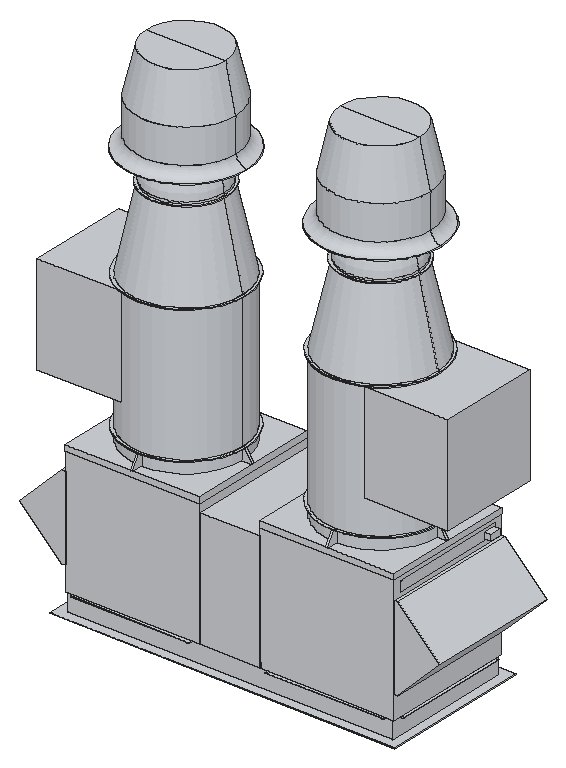
Revit family "QMXVP_with_1X2_Mixing_Box_Ends", category Mechanical Equipment, Revit 2019 (continued)
Types (225): name | UNIT_RADIUS+4" | UNIT_RADIUS*.6 | UNIT_RADIUS | UNIT_RAD+((A/2)+.25")+4" | UNIT_RAD+((A/2)+.25") | UNIT_OD | UNIT_HEIGHT*.75 | UNIT_HEIGHT | TYPE | TRANSITION_TOP | RO2/2 | RO/2 | RO | NOZZLE_WB_RAD-2" | NOZZLE_WB_RAD | NOZZLE_WB/4 | NOZZLE_TOP_RAD | NOZZLE_TOP_OD | NOZZLE_SIZE | NOZZLE_HEIGHT/7*2 | NOZZLE_HEIGHT | NOZZLE_BOTTOM_RAD | NOZZLE_WB_OD | NOZZLE_BOTTOM_ID | MB_HT/2 | MB_HT-2.75" | MB_HT+.25" | MB_HT | MB_A | LONG_RO/2 | LONG_RO | GA | E | DUAL_G | DUAL_F+1" | DUAL_F | C/2 | C | B/2 | B | A/2 | A+.5 | A | Type Comments | Model | -A | (NOZZLE_WB_OD-NOZZLE_TOP_OD)/2 | (NOZZLE_HEIGHT-(NOZZLE_HEIGHT/8*2))/2 | (A/2)-2" | (A/2)-.5" | (A/2)+.5" | (A/2)+.25"
  490_QMXHPVP-36L-1X2_Mixing_Box_Ends | 38 11/16" | 31 7/32" | 34 11/16" | 78 15/16" | 74 15/16" | 69 3/8" | 60 3/8" | 80 1/2" | 12" | 122 3/4" | 36 1/8" | 36 1/8" | 72 1/4" | 43" | 45" | 18" | 29" | 58" | 432" | 23 3/4" | 95" | 25 7/8" | 90" | 51 3/4" | 43 15/32" | 84 3/16" | 87 3/16" | 86 15/16" | 113" | 92 3/8" | 184 3/4" | 17/128" | 78 1/2" | 191" | 193" | 192" | 51 1/2" | 103" | 109 1/2" | 219" | 40" | 80 1/2" | 80" | "Vari-Plume Laboratory Exhaust Mixed-Flow High Pressure Inline Belt Drive With 1X2 Mixing Box With Weather Hoods On Sides\r\n" | "QMXHPVP-1X2_Mixing Box_Sides" | -80" | 8" | 35 5/8" | 38" | -39 1/2" | -40 1/2" | 40 1/4"
  540_QMXHPVP-36H-1X2_Mixing_Box_Ends | 42 7/32" | 34.39688" | 38 7/32" | 87 15/32" | 83 15/32" | 76 7/16" | 65 1/4" | 87" | 12" | 142 1/4" | 41" | 39 9/16" | 79 1/8" | 43" | 45" | 18" | 29" | 58" | 432" | 23 3/4" | 95" | 25 7/8" | 90" | 51 3/4" | 49 27/32" | 96 15/16" | 99 15/16" | 99 11/16" | 126" | 97 5/16" | 194 5/8" | 17/128" | 85 3/8" | 200 7/8" | 203" | 202" | 55 1/2" | 111" | 119 1/2" | 239" | 45" | 90 1/2" | 90" | "Vari-Plume Laboratory Exhaust Mixed-Flow High Pressure Inline Belt Drive With 1X2 Mixing Box With Weather Hoods On Sides\r\n" | "QMXHPVP-1X2_Mixing Box_Sides" | -90" | 8" | 35 5/8" | 43" | -44 1/2" | -45 1/2" | 45 1/4"
  540_QMXHPVP-36L-1X2_Mixing_Box_Ends | 42 7/32" | 34.39688" | 38 7/32" | 87 15/32" | 83 15/32" | 76 7/16" | 65 1/4" | 87" | 12" | 142 1/4" | 41" | 39 9/16" | 79 1/8" | 43" | 45" | 18" | 29" | 58" | 432" | 23 3/4" | 95" | 25 7/8" | 90" | 51 3/4" | 49 27/32" | 96 15/16" | 99 15/16" | 99 11/16" | 126" | 97 5/16" | 194 5/8" | 17/128" | 85 3/8" | 200 7/8" | 203" | 202" | 55 1/2" | 111" | 119 1/2" | 239" | 45" | 90 1/2" | 90" | "Vari-Plume Laboratory Exhaust Mixed-Flow High Pressure Inline Belt Drive With 1X2 Mixing Box With Weather Hoods On Sides\r\n" | "QMXHPVP-1X2_Mixing Box_Sides" | -90" | 8" | 35 5/8" | 43" | -44 1/2" | -45 1/2" | 45 1/4"
  540_QMXHPVP-49H-1X2_Mixing_Box_Ends | 42 7/32" | 34.39688" | 38 7/32" | 87 15/32" | 83 15/32" | 76 7/16" | 65 1/4" | 87" | 12" | 121 1/4" | 41" | 39 9/16" | 79 1/8" | 48 1/2" | 50 1/2" | 20.2" | 38" | 76" | 588" | 27 1/2" | 110" | 34 11/16" | 101" | 69 3/8" | 49 27/32" | 96 15/16" | 99 15/16" | 99 11/16" | 126" | 97 5/16" | 194 5/8" | 17/128" | 85 3/8" | 200 7/8" | 203" | 202" | 55 1/2" | 111" | 119 1/2" | 239" | 45" | 90 1/2" | 90" | "Vari-Plume Laboratory Exhaust Mixed-Flow High Pressure Inline Belt Drive With 1X2 Mixing Box With Weather Hoods On Sides\r\n" | "QMXHPVP-1X2_Mixing Box_Sides" | -90" | 6 1/4" | 41 1/4" | 43" | -44 1/2" | -45 1/2" | 45 1/4"
  540_QMXHPVP-49L-1X2_Mixing_Box_Ends | 42 7/32" | 34.39688" | 38 7/32" | 87 15/32" | 83 15/32" | 76 7/16" | 65 1/4" | 87" | 12" | 121 1/4" | 41" | 39 9/16" | 79 1/8" | 48 1/2" | 50 1/2" | 20.2" | 38" | 76" | 588" | 27 1/2" | 110" | 34 11/16" | 101" | 69 3/8" | 49 27/32" | 96 15/16" | 99 15/16" | 99 11/16" | 126" | 97 5/16" | 194 5/8" | 17/128" | 85 3/8" | 200 7/8" | 203" | 202" | 55 1/2" | 111" | 119 1/2" | 239" | 45" | 90 1/2" | 90" | "Vari-Plume Laboratory Exhaust Mixed-Flow High Pressure Inline Belt Drive With 1X2 Mixing Box With Weather Hoods On Sides\r\n" | "QMXHPVP-1X2_Mixing Box_Sides" | -90" | 6 1/4" | 41 1/4" | 43" | -44 1/2" | -45 1/2" | 45 1/4"
  600_QMXHPVP-36H-1X2_Mixing_Box_Ends | 46 7/16" | 38.19375" | 42 7/16" | 97 3/16" | 93 3/16" | 84 7/8" | 71 5/8" | 95 1/2" | 12" | 170 3/4" | 46 1/32" | 44 1/32" | 88 1/16" | 43" | 45" | 18" | 29" | 58" | 432" | 23 3/4" | 95" | 25 7/8" | 90" | 51 3/4" | 58 19/32" | 114 7/16" | 117 7/16" | 117 3/16" | 144" | 102 13/16" | 205 5/8" | 23/128" | 94 3/8" | 211 7/8" | 214" | 213" | 61" | 122" | 131 1/2" | 263" | 50 1/2" | 101 1/2" | 101" | "Vari-Plume Laboratory Exhaust Mixed-Flow High Pressure Inline Belt Drive With 1X2 Mixing Box With Weather Hoods On Sides\r\n" | "QMXHPVP-1X2_Mixing Box_Sides" | -101" | 8" | 35 5/8" | 48 1/2" | -50" | -51" | 50 3/4"
  600_QMXHPVP-36L-1X2_Mixing_Box_Ends | 46 7/16" | 38.19375" | 42 7/16" | 97 3/16" | 93 3/16" | 84 7/8" | 71 5/8" | 95 1/2" | 12" | 170 3/4" | 46 1/32" | 44 1/32" | 88 1/16" | 43" | 45" | 18" | 29" | 58" | 432" | 23 3/4" | 95" | 25 7/8" | 90" | 51 3/4" | 58 19/32" | 114 7/16" | 117 7/16" | 117 3/16" | 144" | 102 13/16" | 205 5/8" | 23/128" | 94 3/8" | 211 7/8" | 214" | 213" | 61" | 122" | 131 1/2" | 263" | 50 1/2" | 101 1/2" | 101" | "Vari-Plume Laboratory Exhaust Mixed-Flow High Pressure Inline Belt Drive With 1X2 Mixing Box With Weather Hoods On Sides\r\n" | "QMXHPVP-1X2_Mixing Box_Sides" | -101" | 8" | 35 5/8" | 48 1/2" | -50" | -51" | 50 3/4"
  600_QMXHPVP-49H-1X2_Mixing_Box_Ends | 46 7/16" | 38.19375" | 42 7/16" | 97 3/16" | 93 3/16" | 84 7/8" | 71 5/8" | 95 1/2" | 12" | 148 3/4" | 46 1/32" | 44 1/32" | 88 1/16" | 48 1/2" | 50 1/2" | 20.2" | 38" | 76" | 588" | 27 1/2" | 110" | 34 11/16" | 101" | 69 3/8" | 58 19/32" | 114 7/16" | 117 7/16" | 117 3/16" | 144" | 102 13/16" | 205 5/8" | 23/128" | 94 3/8" | 211 7/8" | 214" | 213" | 61" | 122" | 131 1/2" | 263" | 50 1/2" | 101 1/2" | 101" | "Vari-Plume Laboratory Exhaust Mixed-Flow High Pressure Inline Belt Drive With 1X2 Mixing Box With Weather Hoods On Sides\r\n" | "QMXHPVP-1X2_Mixing Box_Sides" | -101" | 6 1/4" | 41 1/4" | 48 1/2" | -50" | -51" | 50 3/4"
  600_QMXHPVP-49L-1X2_Mixing_Box_Ends | 46 7/16" | 38.19375" | 42 7/16" | 97 3/16" | 93 3/16" | 84 7/8" | 71 5/8" | 95 1/2" | 12" | 148 3/4" | 46 1/32" | 44 1/32" | 88 1/16" | 48 1/2" | 50 1/2" | 20.2" | 38" | 76" | 588" | 27 1/2" | 110" | 34 11/16" | 101" | 69 3/8" | 58 19/32" | 114 7/16" | 117 7/16" | 117 3/16" | 144" | 102 13/16" | 205 5/8" | 23/128" | 94 3/8" | 211 7/8" | 214" | 213" | 61" | 122" | 131 1/2" | 263" | 50 1/2" | 101 1/2" | 101" | "Vari-Plume Laboratory Exhaust Mixed-Flow High Pressure Inline Belt Drive With 1X2 Mixing Box With Weather Hoods On Sides\r\n" | "QMXHPVP-1X2_Mixing Box_Sides" | -101" | 6 1/4" | 41 1/4" | 48 1/2" | -50" | -51" | 50 3/4"
  90_QMXHPVP-9H-1X2_Mixing_Box_Ends | 10 13/32" | 5 49/64" | 6 13/32" | 24 21/32" | 20 21/32" | 12 13/16" | 14 29/32" | 19 7/8" | 12" | 37 1/16" | 10 1/2" | 10 1/2" | 21" | 9 1/2" | 11 1/2" | 4.6" | 6 3/4" | 13 1/2" | 108" | 7" | 28" | 6 13/32" | 23" | 12 13/16" | 14 19/32" | 26 7/16" | 29 7/16" | 29 3/16" | 34" | 28 17/32" | 57 1/16" | 27/256" | 27 3/16" | 63 5/16" | 65" | 64" | 15" | 30" | 32 1/2" | 65" | 14" | 28 1/2" | 28" | "Vari-Plume Laboratory Exhaust Mixed-Flow High Pressure Inline Belt Drive With 1X2 Mixing Box With Weather Hoods On Sides\r\n" | "QMXHPVP-1X2_Mixing Box_Sides" | -28" | 2 3/8" | 10 1/2" | 12" | -13 1/2" | -14 1/2" | 14 1/4"
  90_QMXHPVP-9L-1X2_Mixing_Box_Ends | 10 13/32" | 5 49/64" | 6 13/32" | 24 21/32" | 20 21/32" | 12 13/16" | 14 29/32" | 19 7/8" | 12" | 37 1/16" | 10 1/2" | 10 1/2" | 21" | 9 1/2" | 11 1/2" | 4.6" | 6 3/4" | 13 1/2" | 108" | 7" | 28" | 6 13/32" | 23" | 12 13/16" | 14 19/32" | 26 7/16" | 29 7/16" | 29 3/16" | 34" | 28 17/32" | 57 1/16" | 27/256" | 27 3/16" | 63 5/16" | 65" | 64" | 15" | 30" | 32 1/2" | 65" | 14" | 28 1/2" | 28" | "Vari-Plume Laboratory Exhaust Mixed-Flow High Pressure Inline Belt Drive With 1X2 Mixing Box With Weather Hoods On Sides\r\n" | "QMXHPVP-1X2_Mixing Box_Sides" | -28" | 2 3/8" | 10 1/2" | 12" | -13 1/2" | -14 1/2" | 14 1/4"
  490_QMXVP-49L-1X2_Mixing_Box_Ends | 38 11/16" | 31 7/32" | 34 11/16" | 78 15/16" | 74 15/16" | 69 3/8" | 60 3/8" | 80 1/2" | 0" | 96 3/4" | 36 1/8" | 36 1/8" | 72 1/4" | 48 1/2" | 50 1/2" | 20.2" | 38" | 76" | 588" | 27 1/2" | 110" | 34 11/16" | 101" | 69 3/8" | 43 15/32" | 84 3/16" | 87 3/16" | 86 15/16" | 113" | 92 3/8" | 184 3/4" | 17/128" | 78 1/2" | 191" | 193" | 192" | 51 1/2" | 103" | 109 1/2" | 219" | 40" | 80 1/2" | 80" | "Vari-Plume Laboratory Exhaust Mixed-Flow Inline Belt Drive With 1X2 Mixing Box With Weather Hoods On Sides\r\n" | "QMXVP-1X2_Mixing Box_Sides" | -80" | 6 1/4" | 41 1/4" | 38" | -39 1/2" | -40 1/2" | 40 1/4"
  490_QMXHPVP-49H-1X2_Mixing_Box_Ends | 38 11/16" | 31 7/32" | 34 11/16" | 78 15/16" | 74 15/16" | 69 3/8" | 60 3/8" | 80 1/2" | 12" | 96 3/4" | 36 1/8" | 36 1/8" | 72 1/4" | 48 1/2" | 50 1/2" | 20.2" | 38" | 76" | 588" | 27 1/2" | 110" | 34 11/16" | 101" | 69 3/8" | 43 15/32" | 84 3/16" | 87 3/16" | 86 15/16" | 113" | 92 3/8" | 184 3/4" | 17/128" | 78 1/2" | 191" | 193" | 192" | 51 1/2" | 103" | 109 1/2" | 219" | 40" | 80 1/2" | 80" | "Vari-Plume Laboratory Exhaust Mixed-Flow High Pressure Inline Belt Drive With 1X2 Mixing Box With Weather Hoods On Sides\r\n" | "QMXHPVP-1X2_Mixing Box_Sides" | -80" | 6 1/4" | 41 1/4" | 38" | -39 1/2" | -40 1/2" | 40 1/4"
  490_QMXHPVP-49L-1X2_Mixing_Box_Ends | 38 11/16" | 31 7/32" | 34 11/16" | 78 15/16" | 74 15/16" | 69 3/8" | 60 3/8" | 80 1/2" | 12" | 96 3/4" | 36 1/8" | 36 1/8" | 72 1/4" | 48 1/2" | 50 1/2" | 20.2" | 38" | 76" | 588" | 27 1/2" | 110" | 34 11/16" | 101" | 69 3/8" | 43 15/32" | 84 3/16" | 87 3/16" | 86 15/16" | 113" | 92 3/8" | 184 3/4" | 17/128" | 78 1/2" | 191" | 193" | 192" | 51 1/2" | 103" | 109 1/2" | 219" | 40" | 80 1/2" | 80" | "Vari-Plume Laboratory Exhaust Mixed-Flow High Pressure Inline Belt Drive With 1X2 Mixing Box With Weather Hoods On Sides\r\n" | "QMXHPVP-1X2_Mixing Box_Sides" | -80" | 6 1/4" | 41 1/4" | 38" | -39 1/2" | -40 1/2" | 40 1/4"
  202_QMXHPVP-21L-1X2_Mixing_Box_Ends | 18 3/8" | 12 15/16" | 14 3/8" | 37 5/8" | 33 5/8" | 28 3/4" | 28 1/8" | 37 1/2" | 12" | 51 5/8" | 15 3/8" | 15 3/8" | 30 3/4" | 22 1/2" | 24 1/2" | 9.8" | 15 3/8" | 30 3/4" | 252" | 13 3/16" | 52 3/4" | 14 3/8" | 49" | 28 3/4" | 20 19/32" | 38 7/16" | 41 7/16" | 41 3/16" | 49" | 41 7/16" | 82 7/8" | 27/256" | 36 15/16" | 89 1/8" | 91" | 90" | 25" | 50" | 52" | 104" | 19" | 38 1/2" | 38" | "Vari-Plume Laboratory Exhaust Mixed-Flow High Pressure Inline Belt Drive With 1X2 Mixing Box With Weather Hoods On Sides\r\n" | "QMXHPVP-1X2_Mixing Box_Sides" | -38" | 4 9/16" | 19 25/32" | 17" | -18 1/2" | -19 1/2" | 19 1/4"
  202_QMXHPVP-21H-1X2_Mixing_Box_Ends | 18 3/8" | 12 15/16" | 14 3/8" | 37 5/8" | 33 5/8" | 28 3/4" | 28 1/8" | 37 1/2" | 12" | 51 5/8" | 15 3/8" | 15 3/8" | 30 3/4" | 22 1/2" | 24 1/2" | 9.8" | 15 3/8" | 30 3/4" | 252" | 13 3/16" | 52 3/4" | 14 3/8" | 49" | 28 3/4" | 20 19/32" | 38 7/16" | 41 7/16" | 41 3/16" | 49" | 41 7/16" | 82 7/8" | 27/256" | 36 15/16" | 89 1/8" | 91" | 90" | 25" | 50" | 52" | 104" | 19" | 38 1/2" | 38" | "Vari-Plume Laboratory Exhaust Mixed-Flow High Pressure Inline Belt Drive With 1X2 Mixing Box With Weather Hoods On Sides\r\n" | "QMXHPVP-1X2_Mixing Box_Sides" | -38" | 4 9/16" | 19 25/32" | 17" | -18 1/2" | -19 1/2" | 19 1/4"
  202_QMXVP-21H-1X2_Mixing_Box_Ends | 18 3/8" | 12 15/16" | 14 3/8" | 37 5/8" | 33 5/8" | 28 3/4" | 28 1/8" | 37 1/2" | 0" | 51 5/8" | 15 3/8" | 15 3/8" | 30 3/4" | 22 1/2" | 24 1/2" | 9.8" | 15 3/8" | 30 3/4" | 252" | 13 3/16" | 52 3/4" | 14 3/8" | 49" | 28 3/4" | 20 19/32" | 38 7/16" | 41 7/16" | 41 3/16" | 49" | 41 7/16" | 82 7/8" | 27/256" | 36 15/16" | 89 1/8" | 91" | 90" | 25" | 50" | 52" | 104" | 19" | 38 1/2" | 38" | "Vari-Plume Laboratory Exhaust Mixed-Flow Inline Belt Drive With 1X2 Mixing Box With Weather Hoods On Sides\r\n" | "QMXVP-1X2_Mixing Box_Sides" | -38" | 4 9/16" | 19 25/32" | 17" | -18 1/2" | -19 1/2" | 19 1/4"
  202_QMXVP-21L-1X2_Mixing_Box_Ends | 18 3/8" | 12 15/16" | 14 3/8" | 37 5/8" | 33 5/8" | 28 3/4" | 28 1/8" | 37 1/2" | 0" | 51 5/8" | 15 3/8" | 15 3/8" | 30 3/4" | 22 1/2" | 24 1/2" | 9.8" | 15 3/8" | 30 3/4" | 252" | 13 3/16" | 52 3/4" | 14 3/8" | 49" | 28 3/4" | 20 19/32" | 38 7/16" | 41 7/16" | 41 3/16" | 49" | 41 7/16" | 82 7/8" | 27/256" | 36 15/16" | 89 1/8" | 91" | 90" | 25" | 50" | 52" | 104" | 19" | 38 1/2" | 38" | "Vari-Plume Laboratory Exhaust Mixed-Flow Inline Belt Drive With 1X2 Mixing Box With Weather Hoods On Sides\r\n" | "QMXVP-1X2_Mixing Box_Sides" | -38" | 4 9/16" | 19 25/32" | 17" | -18 1/2" | -19 1/2" | 19 1/4"
  225_QMXHPVP-21H-1X2_Mixing_Box_Ends | 19 31/32" | 14.37188" | 15 31/32" | 41 7/32" | 37 7/32" | 31 15/16" | 30 3/4" | 41" | 12" | 61 1/8" | 17 3/8" | 17 3/8" | 34 3/4" | 22 1/2" | 24 1/2" | 9.8" | 15 3/8" | 30 3/4" | 252" | 13 3/16" | 52 3/4" | 14 3/8" | 49" | 28 3/4" | 21 19/32" | 40 7/16" | 43 7/16" | 43 3/16" | 54" | 42 15/16" | 85 7/8" | 27/256" | 40 15/16" | 92 1/8" | 94" | 93" | 28" | 56" | 56 1/2" | 113" | 21" | 42 1/2" | 42" | "Vari-Plume Laboratory Exhaust Mixed-Flow High Pressure Inline Belt Drive With 1X2 Mixing Box With Weather Hoods On Sides\r\n" | "QMXHPVP-1X2_Mixing Box_Sides" | -42" | 4 9/16" | 19 25/32" | 19" | -20 1/2" | -21 1/2" | 21 1/4"
  225_QMXHPVP-21L-1X2_Mixing_Box_Ends | 19 31/32" | 14.37188" | 15 31/32" | 41 7/32" | 37 7/32" | 31 15/16" | 30 3/4" | 41" | 12" | 61 1/8" | 17 3/8" | 17 3/8" | 34 3/4" | 22 1/2" | 24 1/2" | 9.8" | 15 3/8" | 30 3/4" | 252" | 13 3/16" | 52 3/4" | 14 3/8" | 49" | 28 3/4" | 21 19/32" | 40 7/16" | 43 7/16" | 43 3/16" | 54" | 42 15/16" | 85 7/8" | 27/256" | 40 15/16" | 92 1/8" | 94" | 93" | 28" | 56" | 56 1/2" | 113" | 21" | 42 1/2" | 42" | "Vari-Plume Laboratory Exhaust Mixed-Flow High Pressure Inline Belt Drive With 1X2 Mixing Box With Weather Hoods On Sides\r\n" | "QMXHPVP-1X2_Mixing Box_Sides" | -42" | 4 9/16" | 19 25/32" | 19" | -20 1/2" | -21 1/2" | 21 1/4"
  225_QMXVP-21H-1X2_Mixing_Box_Ends | 19 31/32" | 14.37188" | 15 31/32" | 41 7/32" | 37 7/32" | 31 15/16" | 30 3/4" | 41" | 0" | 61 1/8" | 17 3/8" | 17 3/8" | 34 3/4" | 22 1/2" | 24 1/2" | 9.8" | 15 3/8" | 30 3/4" | 252" | 13 3/16" | 52 3/4" | 14 3/8" | 49" | 28 3/4" | 21 19/32" | 40 7/16" | 43 7/16" | 43 3/16" | 54" | 42 15/16" | 85 7/8" | 27/256" | 40 15/16" | 92 1/8" | 94" | 93" | 28" | 56" | 56 1/2" | 113" | 21" | 42 1/2" | 42" | "Vari-Plume Laboratory Exhaust Mixed-Flow Inline Belt Drive With 1X2 Mixing Box With Weather Hoods On Sides\r\n" | "QMXVP-1X2_Mixing Box_Sides" | -42" | 4 9/16" | 19 25/32" | 19" | -20 1/2" | -21 1/2" | 21 1/4"
  225_QMXVP-21L-1X2_Mixing_Box_Ends | 19 31/32" | 14.37188" | 15 31/32" | 41 7/32" | 37 7/32" | 31 15/16" | 30 3/4" | 41" | 0" | 61 1/8" | 17 3/8" | 17 3/8" | 34 3/4" | 22 1/2" | 24 1/2" | 9.8" | 15 3/8" | 30 3/4" | 252" | 13 3/16" | 52 3/4" | 14 3/8" | 49" | 28 3/4" | 21 19/32" | 40 7/16" | 43 7/16" | 43 3/16" | 54" | 42 15/16" | 85 7/8" | 27/256" | 40 15/16" | 92 1/8" | 94" | 93" | 28" | 56" | 56 1/2" | 113" | 21" | 42 1/2" | 42" | "Vari-Plume Laboratory Exhaust Mixed-Flow Inline Belt Drive With 1X2 Mixing Box With Weather Hoods On Sides\r\n" | "QMXVP-1X2_Mixing Box_Sides" | -42" | 4 9/16" | 19 25/32" | 19" | -20 1/2" | -21 1/2" | 21 1/4"
  245_QMXHPVP-21H-1X2_Mixing_Box_Ends | 21 3/8" | 15.6375" | 17 3/8" | 43 5/8" | 39 5/8" | 34 3/4" | 33 3/8" | 44 1/2" | 12" | 69 11/16" | 18 3/8" | 18 3/8" | 36 3/4" | 22 1/2" | 24 1/2" | 9.8" | 15 3/8" | 30 3/4" | 252" | 13 3/16" | 52 3/4" | 14 3/8" | 49" | 28 3/4" | 22 23/32" | 42 11/16" | 45 11/16" | 45 7/16" | 57" | 50 7/16" | 100 7/8" | 27/256" | 42 15/16" | 107 1/8" | 109" | 108" | 29 1/2" | 59" | 60 1/2" | 121" | 22" | 44 1/2" | 44" | "Vari-Plume Laboratory Exhaust Mixed-Flow High Pressure Inline Belt Drive With 1X2 Mixing Box With Weather Hoods On Sides\r\n" | "QMXHPVP-1X2_Mixing Box_Sides" | -44" | 4 9/16" | 19 25/32" | 20" | -21 1/2" | -22 1/2" | 22 1/4"
  245_QMXHPVP-21L-1X2_Mixing_Box_Ends | 21 3/8" | 15.6375" | 17 3/8" | 43 5/8" | 39 5/8" | 34 3/4" | 33 3/8" | 44 1/2" | 12" | 69 11/16" | 18 3/8" | 18 3/8" | 36 3/4" | 22 1/2" | 24 1/2" | 9.8" | 15 3/8" | 30 3/4" | 252" | 13 3/16" | 52 3/4" | 14 3/8" | 49" | 28 3/4" | 22 23/32" | 42 11/16" | 45 11/16" | 45 7/16" | 57" | 50 7/16" | 100 7/8" | 27/256" | 42 15/16" | 107 1/8" | 109" | 108" | 29 1/2" | 59" | 60 1/2" | 121" | 22" | 44 1/2" | 44" | "Vari-Plume Laboratory Exhaust Mixed-Flow High Pressure Inline Belt Drive With 1X2 Mixing Box With Weather Hoods On Sides\r\n" | "QMXHPVP-1X2_Mixing Box_Sides" | -44" | 4 9/16" | 19 25/32" | 20" | -21 1/2" | -22 1/2" | 22 1/4"
  245_QMXVP-21H-1X2_Mixing_Box_Ends | 21 3/8" | 15.6375" | 17 3/8" | 43 5/8" | 39 5/8" | 34 3/4" | 33 3/8" | 44 1/2" | 0" | 69 11/16" | 18 3/8" | 18 3/8" | 36 3/4" | 22 1/2" | 24 1/2" | 9.8" | 15 3/8" | 30 3/4" | 252" | 13 3/16" | 52 3/4" | 14 3/8" | 49" | 28 3/4" | 22 23/32" | 42 11/16" | 45 11/16" | 45 7/16" | 57" | 50 7/16" | 100 7/8" | 27/256" | 42 15/16" | 107 1/8" | 109" | 108" | 29 1/2" | 59" | 60 1/2" | 121" | 22" | 44 1/2" | 44" | "Vari-Plume Laboratory Exhaust Mixed-Flow Inline Belt Drive With 1X2 Mixing Box With Weather Hoods On Sides\r\n" | "QMXVP-1X2_Mixing Box_Sides" | -44" | 4 9/16" | 19 25/32" | 20" | -21 1/2" | -22 1/2" | 22 1/4"
  245_QMXVP-21L-1X2_Mixing_Box_Ends | 21 3/8" | 15.6375" | 17 3/8" | 43 5/8" | 39 5/8" | 34 3/4" | 33 3/8" | 44 1/2" | 0" | 69 11/16" | 18 3/8" | 18 3/8" | 36 3/4" | 22 1/2" | 24 1/2" | 9.8" | 15 3/8" | 30 3/4" | 252" | 13 3/16" | 52 3/4" | 14 3/8" | 49" | 28 3/4" | 22 23/32" | 42 11/16" | 45 11/16" | 45 7/16" | 57" | 50 7/16" | 100 7/8" | 27/256" | 42 15/16" | 107 1/8" | 109" | 108" | 29 1/2" | 59" | 60 1/2" | 121" | 22" | 44 1/2" | 44" | "Vari-Plume Laboratory Exhaust Mixed-Flow Inline Belt Drive With 1X2 Mixing Box With Weather Hoods On Sides\r\n" | "QMXVP-1X2_Mixing Box_Sides" | -44" | 4 9/16" | 19 25/32" | 20" | -21 1/2" | -22 1/2" | 22 1/4"
  270_QMXHPVP-21H-1X2_Mixing_Box_Ends | 23 5/32" | 17.24063" | 19 5/32" | 47 13/32" | 43 13/32" | 38 5/16" | 35 1/4" | 47" | 12" | 79 3/16" | 20 3/8" | 20 3/8" | 40 3/4" | 22 1/2" | 24 1/2" | 9.8" | 15 3/8" | 30 3/4" | 252" | 13 3/16" | 52 3/4" | 14 3/8" | 49" | 28 3/4" | 23 19/32" | 44 7/16" | 47 7/16" | 47 3/16" | 62" | 52 7/16" | 104 7/8" | 27/256" | 46 15/16" | 111 1/8" | 113" | 112" | 31 1/2" | 63" | 64" | 128" | 24" | 48 1/2" | 48" | "Vari-Plume Laboratory Exhaust Mixed-Flow High Pressure Inline Belt Drive With 1X2 Mixing Box With Weather Hoods On Sides\r\n" | "QMXHPVP-1X2_Mixing Box_Sides" | -48" | 4 9/16" | 19 25/32" | 22" | -23 1/2" | -24 1/2" | 24 1/4"
  270_QMXHPVP-21L-1X2_Mixing_Box_Ends | 23 5/32" | 17.24063" | 19 5/32" | 47 13/32" | 43 13/32" | 38 5/16" | 35 1/4" | 47" | 12" | 79 3/16" | 20 3/8" | 20 3/8" | 40 3/4" | 22 1/2" | 24 1/2" | 9.8" | 15 3/8" | 30 3/4" | 252" | 13 3/16" | 52 3/4" | 14 3/8" | 49" | 28 3/4" | 23 19/32" | 44 7/16" | 47 7/16" | 47 3/16" | 62" | 52 7/16" | 104 7/8" | 27/256" | 46 15/16" | 111 1/8" | 113" | 112" | 31 1/2" | 63" | 64" | 128" | 24" | 48 1/2" | 48" | "Vari-Plume Laboratory Exhaust Mixed-Flow High Pressure Inline Belt Drive With 1X2 Mixing Box With Weather Hoods On Sides\r\n" | "QMXHPVP-1X2_Mixing Box_Sides" | -48" | 4 9/16" | 19 25/32" | 22" | -23 1/2" | -24 1/2" | 24 1/4"
  270_QMXVP-21H-1X2_Mixing_Box_Ends | 23 5/32" | 17.24063" | 19 5/32" | 47 13/32" | 43 13/32" | 38 5/16" | 35 1/4" | 47" | 0" | 79 3/16" | 20 3/8" | 20 3/8" | 40 3/4" | 22 1/2" | 24 1/2" | 9.8" | 15 3/8" | 30 3/4" | 252" | 13 3/16" | 52 3/4" | 14 3/8" | 49" | 28 3/4" | 23 19/32" | 44 7/16" | 47 7/16" | 47 3/16" | 62" | 52 7/16" | 104 7/8" | 27/256" | 46 15/16" | 111 1/8" | 113" | 112" | 31 1/2" | 63" | 64" | 128" | 24" | 48 1/2" | 48" | "Vari-Plume Laboratory Exhaust Mixed-Flow Inline Belt Drive With 1X2 Mixing Box With Weather Hoods On Sides\r\n" | "QMXVP-1X2_Mixing Box_Sides" | -48" | 4 9/16" | 19 25/32" | 22" | -23 1/2" | -24 1/2" | 24 1/4"
  270_QMXVP-21L-1X2_Mixing_Box_Ends | 23 5/32" | 17.24063" | 19 5/32" | 47 13/32" | 43 13/32" | 38 5/16" | 35 1/4" | 47" | 0" | 79 3/16" | 20 3/8" | 20 3/8" | 40 3/4" | 22 1/2" | 24 1/2" | 9.8" | 15 3/8" | 30 3/4" | 252" | 13 3/16" | 52 3/4" | 14 3/8" | 49" | 28 3/4" | 23 19/32" | 44 7/16" | 47 7/16" | 47 3/16" | 62" | 52 7/16" | 104 7/8" | 27/256" | 46 15/16" | 111 1/8" | 113" | 112" | 31 1/2" | 63" | 64" | 128" | 24" | 48 1/2" | 48" | "Vari-Plume Laboratory Exhaust Mixed-Flow Inline Belt Drive With 1X2 Mixing Box With Weather Hoods On Sides\r\n" | "QMXVP-1X2_Mixing Box_Sides" | -48" | 4 9/16" | 19 25/32" | 22" | -23 1/2" | -24 1/2" | 24 1/4"
  300_QMXHPVP-21H-1X2_Mixing_Box_Ends | 25 1/4" | 19 1/8" | 21 1/4" | 51 1/2" | 47 1/2" | 42 1/2" | 40 1/2" | 54" | 12" | 94 3/16" | 22 3/8" | 22 3/8" | 44 3/4" | 22 1/2" | 24 1/2" | 9.8" | 15 3/8" | 30 3/4" | 252" | 13 3/16" | 52 3/4" | 14 3/8" | 49" | 28 3/4" | 25 7/32" | 47 11/16" | 50 11/16" | 50 7/16" | 68" | 62 7/16" | 124 7/8" | 27/256" | 50 15/16" | 131 1/8" | 133" | 132" | 33 1/2" | 67" | 74" | 148" | 26" | 52 1/2" | 52" | "Vari-Plume Laboratory Exhaust Mixed-Flow High Pressure Inline Belt Drive With 1X2 Mixing Box With Weather Hoods On Sides\r\n" | "QMXHPVP-1X2_Mixing Box_Sides" | -52" | 4 9/16" | 19 25/32" | 24" | -25 1/2" | -26 1/2" | 26 1/4"
  300_QMXHPVP-21L-1X2_Mixing_Box_Ends | 25 1/4" | 19 1/8" | 21 1/4" | 51 1/2" | 47 1/2" | 42 1/2" | 40 1/2" | 54" | 12" | 94 3/16" | 22 3/8" | 22 3/8" | 44 3/4" | 22 1/2" | 24 1/2" | 9.8" | 15 3/8" | 30 3/4" | 252" | 13 3/16" | 52 3/4" | 14 3/8" | 49" | 28 3/4" | 25 7/32" | 47 11/16" | 50 11/16" | 50 7/16" | 68" | 62 7/16" | 124 7/8" | 27/256" | 50 15/16" | 131 1/8" | 133" | 132" | 33 1/2" | 67" | 74" | 148" | 26" | 52 1/2" | 52" | "Vari-Plume Laboratory Exhaust Mixed-Flow High Pressure Inline Belt Drive With 1X2 Mixing Box With Weather Hoods On Sides\r\n" | "QMXHPVP-1X2_Mixing Box_Sides" | -52" | 4 9/16" | 19 25/32" | 24" | -25 1/2" | -26 1/2" | 26 1/4"
  300_QMXVP-21H-1X2_Mixing_Box_Ends | 25 1/4" | 19 1/8" | 21 1/4" | 51 1/2" | 47 1/2" | 42 1/2" | 40 1/2" | 54" | 0" | 94 3/16" | 22 3/8" | 22 3/8" | 44 3/4" | 22 1/2" | 24 1/2" | 9.8" | 15 3/8" | 30 3/4" | 252" | 13 3/16" | 52 3/4" | 14 3/8" | 49" | 28 3/4" | 25 7/32" | 47 11/16" | 50 11/16" | 50 7/16" | 68" | 62 7/16" | 124 7/8" | 27/256" | 50 15/16" | 131 1/8" | 133" | 132" | 33 1/2" | 67" | 74" | 148" | 26" | 52 1/2" | 52" | "Vari-Plume Laboratory Exhaust Mixed-Flow Inline Belt Drive With 1X2 Mixing Box With Weather Hoods On Sides\r\n" | "QMXVP-1X2_Mixing Box_Sides" | -52" | 4 9/16" | 19 25/32" | 24" | -25 1/2" | -26 1/2" | 26 1/4"
  300_QMXVP-21L-1X2_Mixing_Box_Ends | 25 1/4" | 19 1/8" | 21 1/4" | 51 1/2" | 47 1/2" | 42 1/2" | 40 1/2" | 54" | 0" | 94 3/16" | 22 3/8" | 22 3/8" | 44 3/4" | 22 1/2" | 24 1/2" | 9.8" | 15 3/8" | 30 3/4" | 252" | 13 3/16" | 52 3/4" | 14 3/8" | 49" | 28 3/4" | 25 7/32" | 47 11/16" | 50 11/16" | 50 7/16" | 68" | 62 7/16" | 124 7/8" | 27/256" | 50 15/16" | 131 1/8" | 133" | 132" | 33 1/2" | 67" | 74" | 148" | 26" | 52 1/2" | 52" | "Vari-Plume Laboratory Exhaust Mixed-Flow Inline Belt Drive With 1X2 Mixing Box With Weather Hoods On Sides\r\n" | "QMXVP-1X2_Mixing Box_Sides" | -52" | 4 9/16" | 19 25/32" | 24" | -25 1/2" | -26 1/2" | 26 1/4"
  270_QMXHPVP-27H-1X2_Mixing_Box_Ends | 23 5/32" | 17.24063" | 19 5/32" | 47 13/32" | 43 13/32" | 38 5/16" | 35 1/4" | 47" | 12" | 62 1/4" | 20 3/8" | 20 3/8" | 40 3/4" | 28 1/2" | 30 1/2" | 12.2" | 19 27/32" | 39 11/16" | 324" | 15 5/32" | 60 5/8" | 19 5/32" | 61" | 38 5/16" | 23 19/32" | 44 7/16" | 47 7/16" | 47 3/16" | 62" | 52 7/16" | 104 7/8" | 27/256" | 46 15/16" | 111 1/8" | 113" | 112" | 31 1/2" | 63" | 64" | 128" | 24" | 48 1/2" | 48" | "Vari-Plume Laboratory Exhaust Mixed-Flow High Pressure Inline Belt Drive With 1X2 Mixing Box With Weather Hoods On Sides\r\n" | "QMXHPVP-1X2_Mixing Box_Sides" | -48" | 5 21/64" | 22 47/64" | 22" | -23 1/2" | -24 1/2" | 24 1/4"
  270_QMXHPVP-27L-1X2_Mixing_Box_Ends | 23 5/32" | 17.24063" | 19 5/32" | 47 13/32" | 43 13/32" | 38 5/16" | 35 1/4" | 47" | 12" | 62 1/4" | 20 3/8" | 20 3/8" | 40 3/4" | 28 1/2" | 30 1/2" | 12.2" | 19 27/32" | 39 11/16" | 324" | 15 5/32" | 60 5/8" | 19 5/32" | 61" | 38 5/16" | 23 19/32" | 44 7/16" | 47 7/16" | 47 3/16" | 62" | 52 7/16" | 104 7/8" | 27/256" | 46 15/16" | 111 1/8" | 113" | 112" | 31 1/2" | 63" | 64" | 128" | 24" | 48 1/2" | 48" | "Vari-Plume Laboratory Exhaust Mixed-Flow High Pressure Inline Belt Drive With 1X2 Mixing Box With Weather Hoods On Sides\r\n" | "QMXHPVP-1X2_Mixing Box_Sides" | -48" | 5 21/64" | 22 47/64" | 22" | -23 1/2" | -24 1/2" | 24 1/4"
  270_QMXVP-27H-1X2_Mixing_Box_Ends | 23 5/32" | 17.24063" | 19 5/32" | 47 13/32" | 43 13/32" | 38 5/16" | 35 1/4" | 47" | 0" | 62 1/4" | 20 3/8" | 20 3/8" | 40 3/4" | 28 1/2" | 30 1/2" | 12.2" | 19 27/32" | 39 11/16" | 324" | 15 5/32" | 60 5/8" | 19 5/32" | 61" | 38 5/16" | 23 19/32" | 44 7/16" | 47 7/16" | 47 3/16" | 62" | 52 7/16" | 104 7/8" | 27/256" | 46 15/16" | 111 1/8" | 113" | 112" | 31 1/2" | 63" | 64" | 128" | 24" | 48 1/2" | 48" | "Vari-Plume Laboratory Exhaust Mixed-Flow Inline Belt Drive With 1X2 Mixing Box With Weather Hoods On Sides\r\n" | "QMXVP-1X2_Mixing Box_Sides" | -48" | 5 21/64" | 22 47/64" | 22" | -23 1/2" | -24 1/2" | 24 1/4"
  270_QMXVP-27L-1X2_Mixing_Box_Ends | 23 5/32" | 17.24063" | 19 5/32" | 47 13/32" | 43 13/32" | 38 5/16" | 35 1/4" | 47" | 0" | 62 1/4" | 20 3/8" | 20 3/8" | 40 3/4" | 28 1/2" | 30 1/2" | 12.2" | 19 27/32" | 39 11/16" | 324" | 15 5/32" | 60 5/8" | 19 5/32" | 61" | 38 5/16" | 23 19/32" | 44 7/16" | 47 7/16" | 47 3/16" | 62" | 52 7/16" | 104 7/8" | 27/256" | 46 15/16" | 111 1/8" | 113" | 112" | 31 1/2" | 63" | 64" | 128" | 24" | 48 1/2" | 48" | "Vari-Plume Laboratory Exhaust Mixed-Flow Inline Belt Drive With 1X2 Mixing Box With Weather Hoods On Sides\r\n" | "QMXVP-1X2_Mixing Box_Sides" | -48" | 5 21/64" | 22 47/64" | 22" | -23 1/2" | -24 1/2" | 24 1/4"
  300_QMXHPVP-27H-1X2_Mixing_Box_Ends | 25 1/4" | 19 1/8" | 21 1/4" | 51 1/2" | 47 1/2" | 42 1/2" | 40 1/2" | 54" | 12" | 77 1/4" | 22 3/8" | 22 3/8" | 44 3/4" | 28 1/2" | 30 1/2" | 12.2" | 19 27/32" | 39 11/16" | 324" | 15 5/32" | 60 5/8" | 19 5/32" | 61" | 38 5/16" | 25 7/32" | 47 11/16" | 50 11/16" | 50 7/16" | 68" | 62 7/16" | 124 7/8" | 27/256" | 50 15/16" | 131 1/8" | 133" | 132" | 33 1/2" | 67" | 74" | 148" | 26" | 52 1/2" | 52" | "Vari-Plume Laboratory Exhaust Mixed-Flow High Pressure Inline Belt Drive With 1X2 Mixing Box With Weather Hoods On Sides\r\n" | "QMXHPVP-1X2_Mixing Box_Sides" | -52" | 5 21/64" | 22 47/64" | 24" | -25 1/2" | -26 1/2" | 26 1/4"
  300_QMXHPVP-27L-1X2_Mixing_Box_Ends | 25 1/4" | 19 1/8" | 21 1/4" | 51 1/2" | 47 1/2" | 42 1/2" | 40 1/2" | 54" | 12" | 77 1/4" | 22 3/8" | 22 3/8" | 44 3/4" | 28 1/2" | 30 1/2" | 12.2" | 19 27/32" | 39 11/16" | 324" | 15 5/32" | 60 5/8" | 19 5/32" | 61" | 38 5/16" | 25 7/32" | 47 11/16" | 50 11/16" | 50 7/16" | 68" | 62 7/16" | 124 7/8" | 27/256" | 50 15/16" | 131 1/8" | 133" | 132" | 33 1/2" | 67" | 74" | 148" | 26" | 52 1/2" | 52" | "Vari-Plume Laboratory Exhaust Mixed-Flow High Pressure Inline Belt Drive With 1X2 Mixing Box With Weather Hoods On Sides\r\n" | "QMXHPVP-1X2_Mixing Box_Sides" | -52" | 5 21/64" | 22 47/64" | 24" | -25 1/2" | -26 1/2" | 26 1/4"
  300_QMXVP-27H-1X2_Mixing_Box_Ends | 25 1/4" | 19 1/8" | 21 1/4" | 51 1/2" | 47 1/2" | 42 1/2" | 40 1/2" | 54" | 0" | 77 1/4" | 22 3/8" | 22 3/8" | 44 3/4" | 28 1/2" | 30 1/2" | 12.2" | 19 27/32" | 39 11/16" | 324" | 15 5/32" | 60 5/8" | 19 5/32" | 61" | 38 5/16" | 25 7/32" | 47 11/16" | 50 11/16" | 50 7/16" | 68" | 62 7/16" | 124 7/8" | 27/256" | 50 15/16" | 131 1/8" | 133" | 132" | 33 1/2" | 67" | 74" | 148" | 26" | 52 1/2" | 52" | "Vari-Plume Laboratory Exhaust Mixed-Flow Inline Belt Drive With 1X2 Mixing Box With Weather Hoods On Sides\r\n" | "QMXVP-1X2_Mixing Box_Sides" | -52" | 5 21/64" | 22 47/64" | 24" | -25 1/2" | -26 1/2" | 26 1/4"
  300_QMXVP-27L-1X2_Mixing_Box_Ends | 25 1/4" | 19 1/8" | 21 1/4" | 51 1/2" | 47 1/2" | 42 1/2" | 40 1/2" | 54" | 0" | 77 1/4" | 22 3/8" | 22 3/8" | 44 3/4" | 28 1/2" | 30 1/2" | 12.2" | 19 27/32" | 39 11/16" | 324" | 15 5/32" | 60 5/8" | 19 5/32" | 61" | 38 5/16" | 25 7/32" | 47 11/16" | 50 11/16" | 50 7/16" | 68" | 62 7/16" | 124 7/8" | 27/256" | 50 15/16" | 131 1/8" | 133" | 132" | 33 1/2" | 67" | 74" | 148" | 26" | 52 1/2" | 52" | "Vari-Plume Laboratory Exhaust Mixed-Flow Inline Belt Drive With 1X2 Mixing Box With Weather Hoods On Sides\r\n" | "QMXVP-1X2_Mixing Box_Sides" | -52" | 5 21/64" | 22 47/64" | 24" | -25 1/2" | -26 1/2" | 26 1/4"
  330_QMXHPVP-27L-1X2_Mixing_Box_Ends | 27 3/8" | 21.0375" | 23 3/8" | 55 5/8" | 51 5/8" | 46 3/4" | 43 7/8" | 58 1/2" | 12" | 89 3/4" | 24 5/16" | 24 5/16" | 48 5/8" | 28 1/2" | 30 1/2" | 12.2" | 19 27/32" | 39 11/16" | 324" | 15 5/32" | 60 5/8" | 19 5/32" | 61" | 38 5/16" | 26 27/32" | 50 15/16" | 53 15/16" | 53 11/16" | 73" | 64 7/16" | 128 7/8" | 27/256" | 54 13/16" | 135 1/8" | 137" | 136" | 36 1/2" | 73" | 77" | 154" | 28" | 56 1/2" | 56" | "Vari-Plume Laboratory Exhaust Mixed-Flow High Pressure Inline Belt Drive With 1X2 Mixing Box With Weather Hoods On Sides\r\n" | "QMXHPVP-1X2_Mixing Box_Sides" | -56" | 5 21/64" | 22 47/64" | 26" | -27 1/2" | -28 1/2" | 28 1/4"
  330_QMXHPVP-27H-1X2_Mixing_Box_Ends | 27 3/8" | 21.0375" | 23 3/8" | 55 5/8" | 51 5/8" | 46 3/4" | 43 7/8" | 58 1/2" | 12" | 89 3/4" | 24 5/16" | 24 5/16" | 48 5/8" | 28 1/2" | 30 1/2" | 12.2" | 19 27/32" | 39 11/16" | 324" | 15 5/32" | 60 5/8" | 19 5/32" | 61" | 38 5/16" | 26 27/32" | 50 15/16" | 53 15/16" | 53 11/16" | 73" | 64 7/16" | 128 7/8" | 27/256" | 54 13/16" | 135 1/8" | 137" | 136" | 36 1/2" | 73" | 77" | 154" | 28" | 56 1/2" | 56" | "Vari-Plume Laboratory Exhaust Mixed-Flow High Pressure Inline Belt Drive With 1X2 Mixing Box With Weather Hoods On Sides\r\n" | "QMXHPVP-1X2_Mixing Box_Sides" | -56" | 5 21/64" | 22 47/64" | 26" | -27 1/2" | -28 1/2" | 28 1/4"
  330_QMXVP-27H-1X2_Mixing_Box_Ends | 27 3/8" | 21.0375" | 23 3/8" | 55 5/8" | 51 5/8" | 46 3/4" | 43 7/8" | 58 1/2" | 0" | 89 3/4" | 24 5/16" | 24 5/16" | 48 5/8" | 28 1/2" | 30 1/2" | 12.2" | 19 27/32" | 39 11/16" | 324" | 15 5/32" | 60 5/8" | 19 5/32" | 61" | 38 5/16" | 26 27/32" | 50 15/16" | 53 15/16" | 53 11/16" | 73" | 64 7/16" | 128 7/8" | 27/256" | 54 13/16" | 135 1/8" | 137" | 136" | 36 1/2" | 73" | 77" | 154" | 28" | 56 1/2" | 56" | "Vari-Plume Laboratory Exhaust Mixed-Flow Inline Belt Drive With 1X2 Mixing Box With Weather Hoods On Sides\r\n" | "QMXVP-1X2_Mixing Box_Sides" | -56" | 5 21/64" | 22 47/64" | 26" | -27 1/2" | -28 1/2" | 28 1/4"
  330_QMXVP-27L-1X2_Mixing_Box_Ends | 27 3/8" | 21.0375" | 23 3/8" | 55 5/8" | 51 5/8" | 46 3/4" | 43 7/8" | 58 1/2" | 0" | 89 3/4" | 24 5/16" | 24 5/16" | 48 5/8" | 28 1/2" | 30 1/2" | 12.2" | 19 27/32" | 39 11/16" | 324" | 15 5/32" | 60 5/8" | 19 5/32" | 61" | 38 5/16" | 26 27/32" | 50 15/16" | 53 15/16" | 53 11/16" | 73" | 64 7/16" | 128 7/8" | 27/256" | 54 13/16" | 135 1/8" | 137" | 136" | 36 1/2" | 73" | 77" | 154" | 28" | 56 1/2" | 56" | "Vari-Plume Laboratory Exhaust Mixed-Flow Inline Belt Drive With 1X2 Mixing Box With Weather Hoods On Sides\r\n" | "QMXVP-1X2_Mixing Box_Sides" | -56" | 5 21/64" | 22 47/64" | 26" | -27 1/2" | -28 1/2" | 28 1/4"
  365_QMXHPVP-27H-1X2_Mixing_Box_Ends | 29 7/8" | 23.2875" | 25 7/8" | 61 1/8" | 57 1/8" | 51 3/4" | 48" | 64" | 12" | 104 1/4" | 27 1/4" | 27 1/4" | 54 1/2" | 28 1/2" | 30 1/2" | 12.2" | 19 27/32" | 39 11/16" | 324" | 15 5/32" | 60 5/8" | 19 5/32" | 61" | 38 5/16" | 29 27/32" | 56 15/16" | 59 15/16" | 59 11/16" | 82" | 75 7/8" | 151 3/4" | 27/256" | 60 3/4" | 158" | 160" | 159" | 39 1/2" | 79" | 87 1/2" | 175" | 31" | 62 1/2" | 62" | "Vari-Plume Laboratory Exhaust Mixed-Flow High Pressure Inline Belt Drive With 1X2 Mixing Box With Weather Hoods On Sides\r\n" | "QMXHPVP-1X2_Mixing Box_Sides" | -62" | 5 21/64" | 22 47/64" | 29" | -30 1/2" | -31 1/2" | 31 1/4"
  365_QMXHPVP-27L-1X2_Mixing_Box_Ends | 29 7/8" | 23.2875" | 25 7/8" | 61 1/8" | 57 1/8" | 51 3/4" | 48" | 64" | 12" | 104 1/4" | 27 1/4" | 27 1/4" | 54 1/2" | 28 1/2" | 30 1/2" | 12.2" | 19 27/32" | 39 11/16" | 324" | 15 5/32" | 60 5/8" | 19 5/32" | 61" | 38 5/16" | 29 27/32" | 56 15/16" | 59 15/16" | 59 11/16" | 82" | 75 7/8" | 151 3/4" | 27/256" | 60 3/4" | 158" | 160" | 159" | 39 1/2" | 79" | 87 1/2" | 175" | 31" | 62 1/2" | 62" | "Vari-Plume Laboratory Exhaust Mixed-Flow High Pressure Inline Belt Drive With 1X2 Mixing Box With Weather Hoods On Sides\r\n" | "QMXHPVP-1X2_Mixing Box_Sides" | -62" | 5 21/64" | 22 47/64" | 29" | -30 1/2" | -31 1/2" | 31 1/4"
  365_QMXVP-27H-1X2_Mixing_Box_Ends | 29 7/8" | 23.2875" | 25 7/8" | 61 1/8" | 57 1/8" | 51 3/4" | 48" | 64" | 0" | 104 1/4" | 27 1/4" | 27 1/4" | 54 1/2" | 28 1/2" | 30 1/2" | 12.2" | 19 27/32" | 39 11/16" | 324" | 15 5/32" | 60 5/8" | 19 5/32" | 61" | 38 5/16" | 29 27/32" | 56 15/16" | 59 15/16" | 59 11/16" | 82" | 75 7/8" | 151 3/4" | 27/256" | 60 3/4" | 158" | 160" | 159" | 39 1/2" | 79" | 87 1/2" | 175" | 31" | 62 1/2" | 62" | "Vari-Plume Laboratory Exhaust Mixed-Flow Inline Belt Drive With 1X2 Mixing Box With Weather Hoods On Sides\r\n" | "QMXVP-1X2_Mixing Box_Sides" | -62" | 5 21/64" | 22 47/64" | 29" | -30 1/2" | -31 1/2" | 31 1/4"
  365_QMXVP-27L-1X2_Mixing_Box_Ends | 29 7/8" | 23.2875" | 25 7/8" | 61 1/8" | 57 1/8" | 51 3/4" | 48" | 64" | 0" | 104 1/4" | 27 1/4" | 27 1/4" | 54 1/2" | 28 1/2" | 30 1/2" | 12.2" | 19 27/32" | 39 11/16" | 324" | 15 5/32" | 60 5/8" | 19 5/32" | 61" | 38 5/16" | 29 27/32" | 56 15/16" | 59 15/16" | 59 11/16" | 82" | 75 7/8" | 151 3/4" | 27/256" | 60 3/4" | 158" | 160" | 159" | 39 1/2" | 79" | 87 1/2" | 175" | 31" | 62 1/2" | 62" | "Vari-Plume Laboratory Exhaust Mixed-Flow Inline Belt Drive With 1X2 Mixing Box With Weather Hoods On Sides\r\n" | "QMXVP-1X2_Mixing Box_Sides" | -62" | 5 21/64" | 22 47/64" | 29" | -30 1/2" | -31 1/2" | 31 1/4"
  402_QMXHPVP-27H-1X2_Mixing_Box_Ends | 32 15/32" | 25.62188" | 28 15/32" | 66 7/32" | 62 7/32" | 56 15/16" | 51 3/8" | 68 1/2" | 12" | 118 3/4" | 29 23/32" | 29 23/32" | 59 7/16" | 28 1/2" | 30 1/2" | 12.2" | 19 27/32" | 39 11/16" | 324" | 15 5/32" | 60 5/8" | 19 5/32" | 61" | 38 5/16" | 32 31/32" | 63 3/16" | 66 3/16" | 65 15/16" | 90" | 78 3/8" | 156 3/4" | 27/256" | 65 3/4" | 163" | 165" | 164" | 44" | 88" | 91 1/2" | 183" | 33 1/2" | 67 1/2" | 67" | "Vari-Plume Laboratory Exhaust Mixed-Flow High Pressure Inline Belt Drive With 1X2 Mixing Box With Weather Hoods On Sides\r\n" | "QMXHPVP-1X2_Mixing Box_Sides" | -67" | 5 21/64" | 22 47/64" | 31 1/2" | -33" | -34" | 33 3/4"
  402_QMXHPVP-27L-1X2_Mixing_Box_Ends | 32 15/32" | 25.62188" | 28 15/32" | 66 7/32" | 62 7/32" | 56 15/16" | 51 3/8" | 68 1/2" | 12" | 118 3/4" | 29 23/32" | 29 23/32" | 59 7/16" | 28 1/2" | 30 1/2" | 12.2" | 19 27/32" | 39 11/16" | 324" | 15 5/32" | 60 5/8" | 19 5/32" | 61" | 38 5/16" | 32 31/32" | 63 3/16" | 66 3/16" | 65 15/16" | 90" | 78 3/8" | 156 3/4" | 27/256" | 65 3/4" | 163" | 165" | 164" | 44" | 88" | 91 1/2" | 183" | 33 1/2" | 67 1/2" | 67" | "Vari-Plume Laboratory Exhaust Mixed-Flow High Pressure Inline Belt Drive With 1X2 Mixing Box With Weather Hoods On Sides\r\n" | "QMXHPVP-1X2_Mixing Box_Sides" | -67" | 5 21/64" | 22 47/64" | 31 1/2" | -33" | -34" | 33 3/4"
  402_QMXVP-27H-1X2_Mixing_Box_Ends | 32 15/32" | 25.62188" | 28 15/32" | 66 7/32" | 62 7/32" | 56 15/16" | 51 3/8" | 68 1/2" | 0" | 118 3/4" | 29 23/32" | 29 23/32" | 59 7/16" | 28 1/2" | 30 1/2" | 12.2" | 19 27/32" | 39 11/16" | 324" | 15 5/32" | 60 5/8" | 19 5/32" | 61" | 38 5/16" | 32 31/32" | 63 3/16" | 66 3/16" | 65 15/16" | 90" | 78 3/8" | 156 3/4" | 27/256" | 65 3/4" | 163" | 165" | 164" | 44" | 88" | 91 1/2" | 183" | 33 1/2" | 67 1/2" | 67" | "Vari-Plume Laboratory Exhaust Mixed-Flow Inline Belt Drive With 1X2 Mixing Box With Weather Hoods On Sides\r\n" | "QMXVP-1X2_Mixing Box_Sides" | -67" | 5 21/64" | 22 47/64" | 31 1/2" | -33" | -34" | 33 3/4"
  402_QMXVP-27L-1X2_Mixing_Box_Ends | 32 15/32" | 25.62188" | 28 15/32" | 66 7/32" | 62 7/32" | 56 15/16" | 51 3/8" | 68 1/2" | 0" | 118 3/4" | 29 23/32" | 29 23/32" | 59 7/16" | 28 1/2" | 30 1/2" | 12.2" | 19 27/32" | 39 11/16" | 324" | 15 5/32" | 60 5/8" | 19 5/32" | 61" | 38 5/16" | 32 31/32" | 63 3/16" | 66 3/16" | 65 15/16" | 90" | 78 3/8" | 156 3/4" | 27/256" | 65 3/4" | 163" | 165" | 164" | 44" | 88" | 91 1/2" | 183" | 33 1/2" | 67 1/2" | 67" | "Vari-Plume Laboratory Exhaust Mixed-Flow Inline Belt Drive With 1X2 Mixing Box With Weather Hoods On Sides\r\n" | "QMXVP-1X2_Mixing Box_Sides" | -67" | 5 21/64" | 22 47/64" | 31 1/2" | -33" | -34" | 33 3/4"
